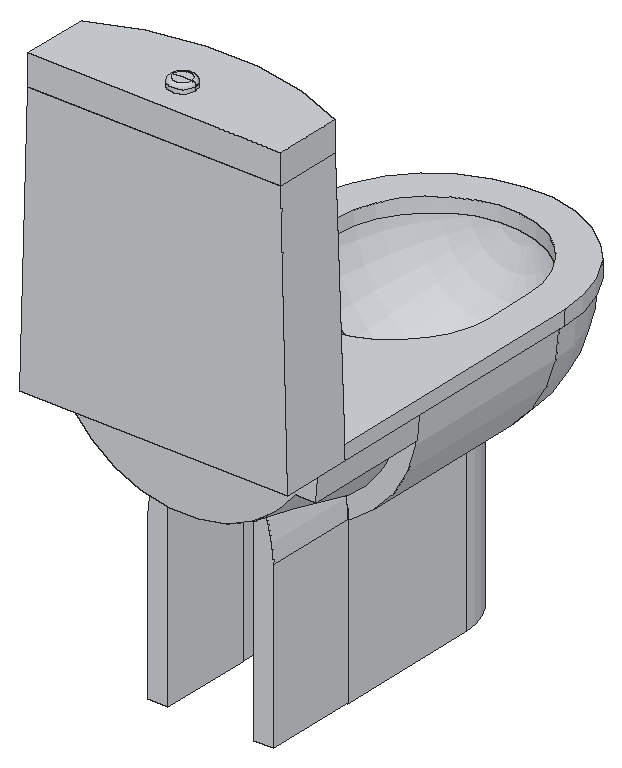
Revit family
Parameters (values of type "640 x 360mm")
  Material = none
  Button Material = none
  Assembly Code = ""
Reference planes
  plane 1: y = 0
  plane 2 "Center (Left/Right)": x = 125
  plane 3 "Back": y = 75
Text (mm)
  text "Placement side" at (-1787.139, 592.35, 0), in view "Ref. Level"
  text "Placement side" at (0, 1827.695, 2917.686), in view "Left"
  text "Placement side" at (0, 562.268, 3853.606), in view "Right"
Dimensions and locks
  locked: plane 3 "Back" to host wall at 0
  aligned and locked: host wall to plane 1
  aligned and locked: plane 3 "Back" to nested 1
Nested families
  nested 1: "WC seat_2 with cistern" at (125, 75, 0), type "550 x 360mm"
Definition of nested family "WC seat_2 with cistern"
  Parameters (values of type "550 x 360mm")
    Material = none
    Manufacturer = "Revit"
    Button Material = none
    Assembly Code = "D2010110"
  Reference planes
    plane 1 "Center (Front/Back)": y = 0
    plane 2: z = 0
    plane 3 "Center (Left/Right)": x = 0
    plane 4: x = -17.5
  Forms (mm)
    Extrusion 1, solid, material <- "Material"
      sketch origin (0, -95, 400) x (1, 0, 0) y (0, 1, 0)
        loop
          line (-179.9, 0) -> (-179.9, -370.216)
          arc (-179.9, -370.216) -> (0.005, -550.122) -> (179.91, -370.216) r 179.905
          line (179.91, -370.216) -> (179.91, 0) -> (-179.9, 0)
        loop
          line (-130, -308.309) -> (-130, -372.093)
          arc (-130, -372.093) -> (0, -502.093) -> (130, -372.093) r 130
          line (130, -372.093) -> (130, -308.309)
          arc (130, -308.309) -> (0, -178.309) -> (-130, -308.309) r 130
      from -20 to 0
    Blend 2, solid, material <- "Material"
      base sketch origin (0, -124.9, 380) x (0, 0, -1) y (-1, 0, 0)
        loop
          arc (0, -180) -> (15.761, -179.209) -> (31.405, -177.138) r 193.77
          line (31.405, -177.138) -> (31.405, -150.665)
          arc (31.405, -150.665) -> (153.903, 0) -> (31.405, 150.665) r 153.903
          line (31.405, 150.665) -> (31.405, 177.138)
          arc (31.405, 177.138) -> (15.761, 179.209) -> (0, 180) r 193.77
          line (0, 180) -> (0, -180)
      top sketch origin (0, -124.9, 380) x (0, 0, -1) y (-1, 0, 0)
        loop
          line (0, 180) -> (0, -180)
          arc (0, -180) -> (15.761, -179.209) -> (31.405, -177.138) r 193.77
          line (31.405, -177.138) -> (31.405, -150.665)
          arc (31.405, -150.665) -> (107.291, 0) -> (31.405, 150.665) r 187.508
          line (31.405, 150.665) -> (31.405, 177.138)
          arc (31.405, 177.138) -> (15.761, 179.209) -> (0, 180) r 193.77
      from -95 to 74.9
    Revolve 3, solid, material <- "Material"
      sketch origin (-135.875, -95, 380) x (0, -1, 0) y (1, 0, 0)
        loop
          line (124.9, -18.028) -> (124.9, -44.025) -> (359.287, -44.025)
          arc (359.287, -44.025) -> (490.375, 8.047) -> (550, 135.875) r 191.038
          line (550, 135.875) -> (523.953, 135.875)
          arc (523.953, 135.875) -> (472.275, 26.71) -> (360.086, -18.028) r 165.042
          line (360.086, -18.028) -> (124.9, -18.028)
        axis (550, 135.875) -> (124.9, 135.875)
      angle from 0 to 180
    Sweep 4, solid, material <- "Material"
      path origin (0, -95, 0) x (1, 0, 0) y (0, 1, 0)
        loop
          line (-84.416, -124.9) -> (-84.416, -324.944)
          arc (-84.416, -324.944) -> (-0.099, -409.36) -> (84.415, -325.143) r 84.416
          line (84.415, -325.143) -> (84.415, -124.9)
      profile origin (0, -319.922, 0) x (1, 0, 0) y (0, 0, 1)
        loop
          line (-84.416, 0) -> (-58.435, 0) -> (-58.435, 219.393) -> (-84.416, 234.393) -> (-84.416, 0)
    Sweep 5, solid, material <- "Material"
      path origin (0, -95, 0) x (1, 0, 0) y (0, 1, 0)
        loop
          line (-58.435, -124.9) -> (-58.435, 0)
      profile origin (0, -157.45, 0) x (-1, 0, 0) y (0, 0, 1)
        loop
          line (84.416, 0.709) -> (84.416, 221.135)
          arc (84.416, 221.135) -> (79.629, 258.271) -> (67.208, 293.595) r 178.675
          line (67.208, 293.595) -> (57.208, 293.595) -> (57.208, 0.709) -> (84.416, 0.709)
    Sweep 6, solid, material <- "Material"
      path origin (0, -95, 0) x (-1, 0, 0) y (0, -1, 0)
        loop
          line (-58.435, 124.9) -> (-58.435, 0)
      profile origin (0, -157.45, 0) x (1, 0, 0) y (0, 0, 1)
        loop
          line (84.416, 0.709) -> (84.416, 221.135)
          arc (84.416, 221.135) -> (79.629, 258.271) -> (67.208, 293.595) r 178.675
          line (67.208, 293.595) -> (57.208, 293.595) -> (57.208, 0.709) -> (84.416, 0.709)
    Blend 7, solid, material <- "Material"
      base sketch origin (0, 0, 0) x (1, 0, 0) y (0, 1, 0)
        loop
          arc (-180, -95) -> (0, -140) -> (180, -95) r 382.5
          line (180, -95) -> (180, 0) -> (-180, 0) -> (-180, -95)
      top sketch origin (0, 0, 0) x (1, 0, 0) y (0, 1, 0)
        loop
          line (-170, 0) -> (-170, -90.146)
          arc (-170, -90.146) -> (0, -130) -> (170, -90.146) r 382.5
          line (170, -90.146) -> (170, 0) -> (-170, 0)
      from 380 to 750
    Extrusion 8, solid, material <- "Material"
      sketch origin (0, 0, 750) x (1, 0, 0) y (0, 1, 0)
        loop
          line (-170, 0) -> (-170, -90.146)
          arc (-170, -90.146) -> (0, -130) -> (170, -90.146) r 382.5
          line (170, -90.146) -> (170, 0) -> (-170, 0)
      from 0 to 40
    Revolve 9, solid, material <- "Button Material", detail levels medium+fine
      sketch origin (0, -47.5, 0) x (1, 0, 0) y (0, 0, 1)
        loop
          line (0, 790) -> (0, 800) -> (-12.5, 800)
          arc (-12.5, 800) -> (-16.036, 798.536) -> (-17.5, 795) r 5
          line (-17.5, 795) -> (-17.5, 790) -> (0, 790)
        axis (0, 800) -> (0, 790)
      angle from 0 to 360
  Lines and regions (mm)
    symbolic lines
      curve 1: line (-180, -480, 0) -> (-180, -95, 0)
      curve 2: arc (-180, -95, 0) -> (0, -140, 0) -> (180, -95, 0) r 382.5
      curve 3: line (180, -95, 0) -> (180, -480, 0)
      curve 4: arc (180, -480, 0) -> (0, -645, 0) -> (-180, -480, 0) r 180.682
      curve 9: arc (130, -405, 0) -> (0, -275, 0) -> (-130, -405, 0) r 130
      curve 10: line (-130, -405, 0) -> (-130, -495, 0)
      curve 11: arc (-130, -495, 0) -> (0, -605, 0) -> (130, -495, 0) r 131.818
      curve 12: line (130, -495, 0) -> (130, -405, 0)
      curve 13: line (-40, -375, 0) -> (40, -375, 0)
      curve 14: line (40, -375, 0) -> (40, -425, 0)
      curve 15: arc (40, -425, 0) -> (0, -455, 0) -> (-40, -425, 0) r 41.667
      curve 16: line (-40, -425, 0) -> (-40, -375, 0)
      curve 17: line (-170, 0, 0) -> (-170, -90.146, 0)
      curve 18: arc (-170, -90.146, 0) -> (0, -130, 0) -> (170, -90.146, 0) r 382.5
      curve 19: line (170, -90.146, 0) -> (170, 0, 0)
      curve 22: line (-180, 0, 0) -> (0, 0, 0)
      curve 23: line (0, 0, 0) -> (180, 0, 0)
      curve 24: line (180, 0, 0) -> (180, -95, 0)
      curve 25: line (-180, -95, 0) -> (-180, 0, 0)
    symbolic lines, detail levels medium+fine
      curve 5: arc (-72.5, -225, 0) -> (-80, -217.5, 0) -> (-87.5, -225, 0) r 7.5
      curve 6: arc (-87.5, -225, 0) -> (-80, -232.5, 0) -> (-72.5, -225, 0) r 7.5
      curve 7: arc (72.5, -225, 0) -> (80, -232.5, 0) -> (87.5, -225, 0) r 7.5
      curve 8: arc (87.5, -225, 0) -> (80, -217.5, 0) -> (72.5, -225, 0) r 7.5
      curve 20: arc (-17.5, -50, 0) -> (0, -67.5, 0) -> (17.5, -50, 0) r 17.5
      curve 21: arc (17.5, -50, 0) -> (0, -32.5, 0) -> (-17.5, -50, 0) r 17.5
    model lines
      curve 26: arc (-179.9, -95, 400) -> (0.05, -140, 400) -> (180, -95, 400) r 382.301
  Dimensions and locks
    aligned: curve 26 to Extrusion 1
